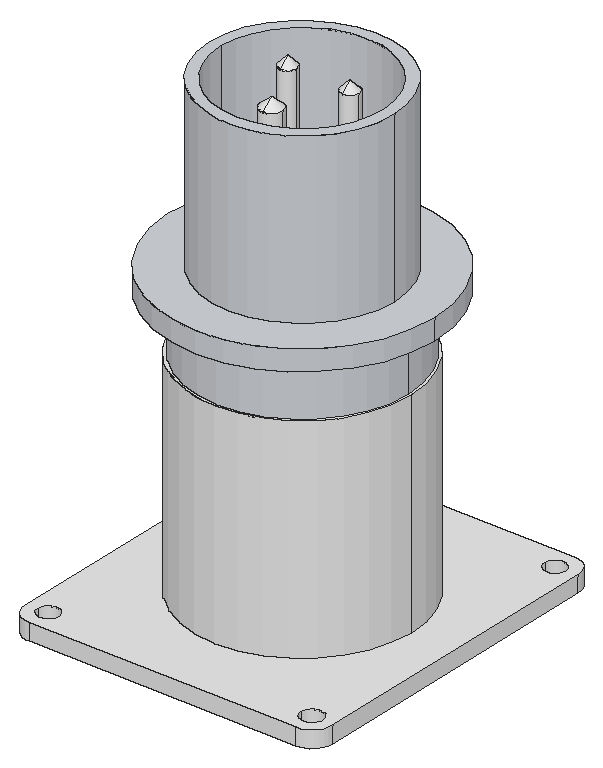
Revit family "Building-IEC309Connections-GEWISS-IEC309HP-STRAIGHT_FLUSH_MOUNT_INLET_16A_IP44", category Apparecchi elettrici, host Superficie, Revit 2019
Family settings
  Host = Superficie
  Mantenere orientamento annotazione = Sì
  Quota connettore circolare = Usa diametro
  Tipo di parte = Normale
  Taglio con vuoti quando caricato = No
  Condiviso = Sì
  Punto di calcolo locali = Sì
Parameters (values of type "GW60211 - IP44 APPL.INLET 3P+N+E 16A 500V 7H")
  simbolo acceso [instance] = yes
  distanza_simbolo [instance] = 1 mm
  distanza dal piano [instance] = 10 mm
  W = 115 mm  # constant formula
  Voltaggio = 0 V
  Version file RFA = "21.11"
  URL = "https://www.gewiss.com/ww/en"
  Typology = "Straight flush mounting inlet"
  Type of wiring = "With screw"
  Total number of operations = "-5000"
  Thermo-pressure with ball = "125 °C (active parts) - 80 °C (passive parts)"
  Terminal tightening capacity = "1-2.5mm² flexible cables - 1.5-4mm² rigid cables"
  Technical sheet = "https://www.gewiss.com/ww/en/search?q=GW60211"
  Spostamento_effettivo_S [instance] = 4000 mm - Spostamento_S  # 2680 mm
  Spostamento_S = 1320 mm
  Shock resistance = "IK08"
  SPinotto = Default(2)
  SEO = "Inlet"
  Reference h = "7"
  Realized by GEWISS S.p.A. = ""
  Rated voltage = "480-500V"
  Rated current (A) = "16"
  Default Elevation = 1219.2 mm
  Produttore = "GEWISS S.p.A."
  Piastra = Default(2)
  Permissible overload = "22A"
  Operating temperature: = "-25 +55 °C"
  No. of poles = "3P+N+E"
  N.poli = 1
  Modello = "GW60211"
  L = 155 mm  # constant formula
  Insulation resistance = "- 10 M?"
  Immagine tipo = <Nessuno>
  IP degree = "IP44"
  IDT = "f90ea912fd9a455ca9f627dd4e414456"
  IDF = "3fdebed0-9fe6-4914-a422-ed1c4a63e90c"
  Glow wire test: = "850 °C (active parts) - 650 °C (passive parts)"
  Frequency = "50/60 Hz"
  Flange dimensions (mm) = "85x75"
  FORMULA = 1000 mm * 1  # 1000 mm
  Electrocod = "2230"
  Descrizione = "IP44 APPL.INLET 3P+N+E 16A 500V 7H"
  Corpo centrale = Default(2)
  Colour: = "Black"
  Catalogue = "BUILDING"
  COBie.Tagnumber = ""
  COBie.CreatedOn = ""
  COBie.CreatebBy = ""
  COBie.ComponentRegisterItemID = ""
  COBie.Component.TagNumber = ""
  COBie.Component.Space = ""
  COBie.Component.SerialNumber = ""
  COBie.Component.InstallationDate = ""
  COBie.Component.Description = ""
  COBie.Component.BarCode = ""
  Breaking capacity at 1.1 Un = "20A"
  BLOCCO = "B=C"
Types (11, lengths in mm): name | Technical sheet | Reference h | Rated voltage | No. of poles | Modello | IDT | Descrizione | Colour:
  GW60201 - IP44 APPL.INLET 2P+E 16A 110V 4H | "https://www.gewiss.com/ww/en/search?q=GW60201" | "4" | "100-130V" | "2P+E" | "GW60201" | "66921f32a80c43e4ab86c43f8cfce8a6" | "IP44 APPL.INLET 2P+E 16A 110V 4H" | "Yellow"
  GW60202 - IP44 APPL.INLET 3P+E 16A 110V 4H | "https://www.gewiss.com/ww/en/search?q=GW60202" | "4" | "100-130V" | "3P+E" | "GW60202" | "a0a36d366dbc4436b994848e3781f962" | "IP44 APPL.INLET 3P+E 16A 110V 4H" | "Yellow"
  GW60203 - IP44 APPL.INLET 3P+N+E 16A 110V 4H | "https://www.gewiss.com/ww/en/search?q=GW60203" | "4" | "100-130V" | "3P+N+E" | "GW60203" | "5c9330dddabb4daab0840838973c3d08" | "IP44 APPL.INLET 3P+N+E 16A 110V 4H" | "Yellow"
  GW60204 - IP44 APPL.INLET 2P+E 16A 230V 6H | "https://www.gewiss.com/ww/en/search?q=GW60204" | "6" | "200-250V" | "2P+E" | "GW60204" | "8847835e131b4b378db3df7ed1930e0b" | "IP44 APPL.INLET 2P+E 16A 230V 6H" | "Blue"
  GW60205 - IP44 APPL.INLET 3P+E 16A 230V 9H | "https://www.gewiss.com/ww/en/search?q=GW60205" | "9" | "200-250V" | "3P+E" | "GW60205" | "399ae8d0433548999c1dbb0b2a51ee40" | "IP44 APPL.INLET 3P+E 16A 230V 9H" | "Blue"
  GW60206 - IP44 APPL.INLET 3P+N+E 16A 230V 9H | "https://www.gewiss.com/ww/en/search?q=GW60206" | "9" | "200-250V" | "3P+N+E" | "GW60206" | "3c615a08638e44f4b38c0345a4f63ccd" | "IP44 APPL.INLET 3P+N+E 16A 230V 9H" | "Blue"
  GW60207 - IP44 APPL.INLET 2P+E 16A 400V 9H | "https://www.gewiss.com/ww/en/search?q=GW60207" | "9" | "380-415V" | "2P+E" | "GW60207" | "9e54354081dd40f18142ed2321ecc1d1" | "IP44 APPL.INLET 2P+E 16A 400V 9H" | "Red"
  GW60208 - IP44 APPL.INLET 3P+E 16A 400V 6H | "https://www.gewiss.com/ww/en/search?q=GW60208" | "6" | "380-415V" | "3P+E" | "GW60208" | "762c58ba006948ca9edf81a3a7157c25" | "IP44 APPL.INLET 3P+E 16A 400V 6H" | "Red"
  GW60209 - IP44 APPL.INLET 3P+N+E 16A 400V 6H | "https://www.gewiss.com/ww/en/search?q=GW60209" | "6" | "380-415V" | "3P+N+E" | "GW60209" | "a015df2d1633490aaff073fffcf2db89" | "IP44 APPL.INLET 3P+N+E 16A 400V 6H" | "Red"
  GW60210 - IP44 APPL.INLET 3P+E 16A 500V 7H | "https://www.gewiss.com/ww/en/search?q=GW60210" | "7" | "480-500V" | "3P+E" | "GW60210" | "0f713536ec184f059aac505932125ac8" | "IP44 APPL.INLET 3P+E 16A 500V 7H" | "Black"
  GW60211 - IP44 APPL.INLET 3P+N+E 16A 500V 7H | "https://www.gewiss.com/ww/en/search?q=GW60211" | "7" | "480-500V" | "3P+N+E" | "GW60211" | "f90ea912fd9a455ca9f627dd4e414456" | "IP44 APPL.INLET 3P+N+E 16A 500V 7H" | "Black"
Reference planes
  plane 1 "Centro (Fronte/Retro)": y = 0
  plane 2: z = 0
  plane 3 "Centro (Sinistra/Destra)": x = 0
  plane 4: x = -3000
  plane 5: x = -320
  plane 6: z = 10
Dimensions and locks
  plane 4 to plane 3 "Centro (Sinistra/Destra)" = 3000 mm
  "Spostamento_effettivo_S": plane 4 to plane 5
  "distanza dal piano": plane 6 to plane 2
  aligned and locked: plane 2 to host face
  aligned and locked: level to host face
  aligned and locked: plane 3 "Centro (Sinistra/Destra)" to nested 1
  aligned and locked: plane 1 "Centro (Fronte/Retro)" to nested 1
  aligned and locked: nested 1 to plane 6
  aligned and locked: nested 2 to plane 5
Automatic sketch dimensions
  host sketch curve to host sketch curve = 2438.4 mm  (x2)
Nested families
  nested 1: "IEC309 SPINE FISSE INCASSO DIRITTE 16A IP44.rfa_base" at (0, 0, 10), type "IEC309 SPINE FISSE INCASSO DIRITTE 16A IP44.rfa_base"
  nested 2: "simbolo_circuito_GW60201" at (-320, 171.559, 0), visible <- "simbolo acceso", Distanza dal muro <- "distanza_simbolo", type "3P"
    with SIMBOLO ACCESO yes, Distanza dal muro 1 mm
Definition of nested family "IEC309 SPINE FISSE INCASSO DIRITTE 16A IP44.rfa_base"
  Parameters (values of type "IEC309 SPINE FISSE INCASSO DIRITTE 16A IP44.rfa_base")
    Spinotto = none
    PIASTRA = none
    CENTRALE = none
  Reference planes
    plane 1 "Centro (Fronte/Retro)": y = 0
    plane 2: z = 0
    plane 3 "Centro (Sinistra/Destra)": x = 0
    plane 4 "EEE": through (4267.2, -291.041, 143.375) normal (0, -0.788, -0.6157)
    plane 5: x = 48
    plane 6: x = 75
    plane 7: y = 84.998
    plane 8: z = 4
    plane 9: y = 79.605
    plane 10: x = 69.724
    plane 11: x = 5.276
    plane 12: y = 5.392
    plane 13: y = 33.235
    plane 14: x = 37.558
    plane 15: y = 47.725
    plane 16: x = 29.918
    plane 17: x = 45.189
    plane 18: y = 42.557
    plane 19: z = 56
    plane 20: z = 70
    plane 21: z = 75
    plane 22: z = 116
    plane 23: z = 113.786
  Forms (mm)
    Extrusion 1, solid, material <- "PIASTRA"
      sketch origin (0, 0, 0) x (1, 0, 0) y (0, 1, 0)
        loop
          arc (5, 84.998) -> (1.464, 83.534) -> (0, 79.998) r 5
          line (0, 79.998) -> (0, 5)
          arc (0, 5) -> (1.464, 1.464) -> (5, 0) r 5
          line (5, 0) -> (70, 0)
          arc (70, 0) -> (73.536, 1.464) -> (75, 5) r 5
          line (75, 5) -> (75, 79.998)
          arc (75, 79.998) -> (73.536, 83.534) -> (70, 84.998) r 5
          line (70, 84.998) -> (5, 84.998)
      from 0 to 4
    Extrusion 2, void
      sketch origin (0, 0, 0) x (1, 0, 0) y (0, 1, 0)
        loop
          circle (5.276, 79.605) r 2.665
        loop
          circle (69.724, 79.605) r 2.602
        loop
          circle (69.724, 5.392) r 2.692
        loop
          circle (5.276, 5.392) r 2.603
      from 0 to 4
    Extrusion 3, solid, material <- "CENTRALE"
      sketch origin (0, 0, 0) x (1, 0, 0) y (0, 1, 0)
        loop
          circle (37.558, 42.557) r 26.675
      from 4 to 56
    Extrusion 4, solid
      sketch origin (0, 0, 0) x (1, 0, 0) y (0, 1, 0)
        loop
          circle (37.558, 42.557) r 26
      from 56 to 70
    Extrusion 5, solid
      sketch origin (0, 0, 0) x (1, 0, 0) y (0, 1, 0)
        loop
          circle (37.558, 42.557) r 32.5
      from 70 to 75
    Extrusion 6, solid
      sketch origin (0, 0, 0) x (1, 0, 0) y (0, 1, 0)
        loop
          circle (37.558, 42.557) r 22.572
        loop
          circle (37.558, 42.557) r 19.816
      from 75 to 116
    Extrusion 7, solid, material <- "Spinotto"
      sketch origin (0, 0, 0) x (1, 0, 0) y (0, 1, 0)
        loop
          circle (29.918, 47.725) r 2.069
        loop
          circle (45.189, 47.725) r 2.139
        loop
          circle (37.558, 33.235) r 2.694
      from 75 to 113.786
    Revolve 8, solid, material <- "Spinotto"
      sketch origin (37.536, -0.05, 0) x (0, 1, 0) y (0, 0, 1)
        loop
          line (33.235, 116) -> (30.541, 113.786) -> (33.235, 113.786) -> (33.235, 116)
        axis (33.235, 113.786) -> (33.235, 116)
      angle from 0 to 360
    Revolve 9, solid, material <- "Spinotto"
      sketch origin (29.895, 14.439, 0) x (0, 1, 0) y (0, 0, 1)
        loop
          line (33.285, 116.053) -> (31.146, 113.786) -> (33.285, 113.786) -> (33.285, 116.053)
        axis (33.285, 113.786) -> (33.285, 116.053)
      angle from 0 to 360
    Revolve 10, solid, material <- "Spinotto"
      sketch origin (45.167, 14.439, 0) x (0, 1, 0) y (0, 0, 1)
        loop
          line (33.285, 116.053) -> (31.146, 113.786) -> (33.285, 113.786) -> (33.285, 116.053)
        axis (33.285, 113.786) -> (33.285, 116.053)
      angle from 0 to 360
  Cuts and joins
    Extrusion 2 cuts Extrusion 1
  Dimensions and locks
    plane 3 "Centro (Sinistra/Destra)" to plane 6 = 75 mm
    plane 1 "Centro (Fronte/Retro)" to plane 7 = 84.998 mm
    locked: plane 8 to level at 4
    locked: plane 3 "Centro (Sinistra/Destra)" to plane 11 at 5.276
    locked: plane 10 to plane 6 at 5.276
    locked: plane 1 "Centro (Fronte/Retro)" to plane 12 at 5.392
    locked: plane 19 to plane 2 at 56
    locked: plane 20 to plane 19 at 14
    locked: plane 21 to plane 20 at 5
    plane 22 to level = 116 mm
    locked: plane 22 to plane 23 at 2.214
    radius of Extrusion 1 sketch curve = 5 mm  (x4)
    aligned and locked: level to plane 2
    aligned and locked: Extrusion 1 to level
    aligned and locked: plane 8 to Extrusion 1
    aligned and locked: Extrusion 2 to level
    aligned and locked: plane 8 to Extrusion 2
    aligned and locked: plane 14 to Extrusion 3 sketch curve
    aligned and locked: plane 18 to Extrusion 3 sketch curve
    aligned and locked: Extrusion 3 to plane 8
    aligned and locked: plane 19 to Extrusion 3
    aligned and locked: Extrusion 4 to plane 19
    aligned and locked: plane 20 to Extrusion 4
    aligned and locked: plane 14 to Extrusion 4 sketch curve
    aligned and locked: plane 18 to Extrusion 4 sketch curve
    aligned and locked: plane 18 to Extrusion 5 sketch curve
    aligned and locked: plane 14 to Extrusion 5 sketch curve
    aligned and locked: Extrusion 5 to plane 20
    aligned and locked: Extrusion 5 to plane 21
    aligned and locked: plane 18 to Extrusion 6 sketch curve  (x2)
    aligned and locked: plane 14 to Extrusion 6 sketch curve  (x2)
    aligned and locked: plane 21 to Extrusion 6
    aligned and locked: plane 22 to Extrusion 6
    aligned and locked: plane 15 to Extrusion 7 sketch curve  (x2)
    aligned and locked: plane 14 to Extrusion 7 sketch curve
    aligned and locked: plane 16 to Extrusion 7 sketch curve
    aligned and locked: plane 17 to Extrusion 7 sketch curve
    aligned and locked: plane 21 to Extrusion 7
    aligned and locked: plane 23 to Extrusion 7
Definition of nested family "simbolo_circuito_GW60201"
  Parameters (values of type "3P")
    SIMBOLO ACCESO [instance] = yes
    Distanza dal muro [instance] = 0 mm
  Reference planes
    plane 1: y = 0
    plane 2: x = 0
  Dimensions and locks
    "Distanza dal muro": plane 1 to nested 1
    aligned and locked: plane 2 to nested 1
  Nested families
    nested 1: "simbolo_circuito_GW60201_base" at (0, 0, 0), visible <- "SIMBOLO ACCESO", type "3P"
      with CORNICE SIMBOLO yes
  Definition of nested family "simbolo_circuito_GW60201_base"
    Parameters (values of type "3P")
      CORNICE SIMBOLO [instance] = yes
      3P = yes
    Types (2, lengths in mm): name | 3P
      3P | yes
      2P | no
    Reference planes
      plane 1: y = 0
      plane 2: x = 0
    Lines and regions (mm)
      detail lines
        curve 1: arc (0.298, 0.46, 0) -> (0, 0.758, 0) -> (-0.298, 0.46, 0) r 0.298
        curve 2: arc (0.139, 0.652, 0) -> (0, 0.731, 0) -> (-0.139, 0.652, 0) r 0.163
        curve 3: arc (-0.139, 0.106, 0) -> (0, 0.027, 0) -> (0.139, 0.106, 0) r 0.163
        curve 4: circle (0, 2.381, 0) r 0.05 normal (0, 0, 1)
        curve 5: line (0, 3.386, 0) -> (0, 0.758, 0)
        curve 6: line (-0.139, 0.652, 0) -> (-0.139, 0.106, 0)
        curve 7: line (0.139, 0.652, 0) -> (0.139, 0.106, 0)
      detail lines, not visible
        curve 8: arc (2.679, 0.46, 0) -> (2.381, 0.758, 0) -> (2.083, 0.46, 0) r 0.298
        curve 9: arc (2.52, 0.652, 0) -> (2.381, 0.731, 0) -> (2.241, 0.652, 0) r 0.163
        curve 10: arc (2.241, 0.106, 0) -> (2.381, 0.027, 0) -> (2.52, 0.106, 0) r 0.163
        curve 11: circle (2.381, 2.381, 0) r 0.05 normal (0, 0, 1)
        curve 12: line (2.381, 3.386, 0) -> (2.381, 0.758, 0)
        curve 13: line (2.241, 0.652, 0) -> (2.241, 0.106, 0)
        curve 14: line (2.52, 0.652, 0) -> (2.52, 0.106, 0)
